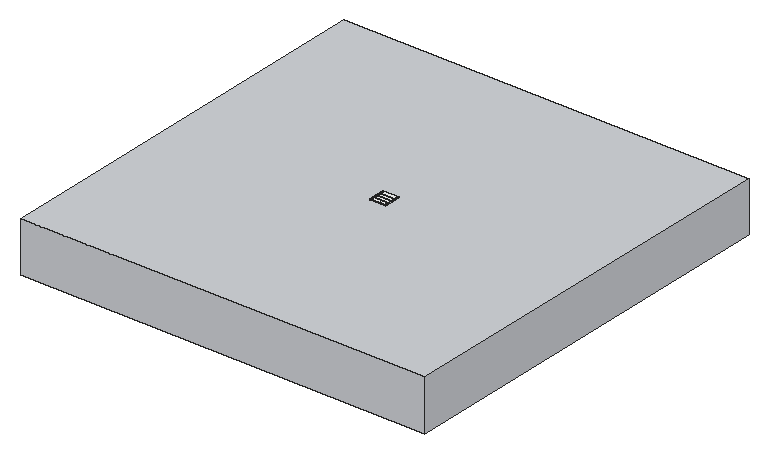
Revit family "Gira_5024219", category Elektroinstallationen, Revit 2017
Family settings
  Basisbauteil = Fläche
  Beschriftungsausrichtung beibehalten = Nein
  Bemaßung runder Anschluss = Durchmesser verwenden
  Teiletyp = Normal
  Beim Laden mit Abzugskörper schneiden = Nein
  Gemeinsam genutzt = Nein
  Raumberechnungspunkt = Nein
Parameters (values of type "Wippenset 4f Tastsens.4 TS4 Edelstahl")
  Werkstoffgüte = "Edelstahl"
  Werkstoff Text = "Metall"
  Default Elevation = 1219.2 mm
  URL = "https://www.gira.de/"
  Typname = "Wippenset 4f Tastsens.4 TS4 Edelstahl"
  Type Comments = ""
  Transparent = no
  Produktseite = "https://media.stage.bim.site/t/eyJhbGciOiJIUzI1NiIsInR5cCI6IkpXVCJ9.eyJjdCI6MiwidHUiOiJodHRwOi8va2F0YWxvZy5naXJhLmRlL2RlX0RFL2RhdGVuYmxhdHQuaHRtbD9hcnRpa2VsbnI9NTAyNDIxOSIsImNpZCI6IjMyNzdjYzIzLTgxYTktNGVlMy1hOTBhLWI0N2JiNGMwYjYxNiIsInJpZCI6IjZlZTkxZTUwYzU2NWQ1OGQzNTE0MmRlZGNmOGNhN2VmIiwicGlkIjoiMDJhNzIyMGE1ZDM2MzM1OGRkMzM4NjJlNWQ1NDNmMTFhOTFlYWJmMCIsInNpZCI6IjYzNDcwIiwidXQiOjEsImxjIjoiZGUiLCJpYXQiOjE2MDA5NDQzNDIsImlzcyI6Imh0dHBzOi8vYXBpLmxpdmUuYmltLnNpdGUiLCJzdWIiOiJhZG1pbkBiaW1zaXRlLmRldiJ9.f7tPPSmRLurzAvRpFJuD4bzpzXHJMAkKExEBmSRq6B4"
  Model = ""
  Cost = 0
  Hersteller = "Gira"
  HeinzeBIM = "https://www.heinze.de/bim/wippenset-4f-tastsens-4-ts4-edelstahl/02a7220a5d363358dd33862e5d543f11a91eabf0"
  HAN = "5024219"
  GTIN = "4010337072065"
  Funk bidirektional = no
  Farbe = "Edelstahl"
  Datenblatt 1 = "https://media.stage.bim.site/t/eyJhbGciOiJIUzI1NiIsInR5cCI6IkpXVCJ9.eyJjdCI6MSwidGYiOiJwdWJsaWMvZ2lyYS9hZThjNTU3LzUwMjQyMTkudHh0IiwiY2lkIjoiMzI3N2NjMjMtODFhOS00ZWUzLWE5MGEtYjQ3YmI0YzBiNjE2IiwicmlkIjoiNmVlOTFlNTBjNTY1ZDU4ZDM1MTQyZGVkY2Y4Y2E3ZWYiLCJwaWQiOiIwMmE3MjIwYTVkMzYzMzU4ZGQzMzg2MmU1ZDU0M2YxMWE5MWVhYmYwIiwic2lkIjoiNjM0NzAiLCJ1dCI6MSwibGMiOiJkZSIsImlhdCI6MTYwMDk0NDM0MiwiaXNzIjoiaHR0cHM6Ly9hcGkubGl2ZS5iaW0uc2l0ZSIsInN1YiI6ImFkbWluQGJpbXNpdGUuZGV2In0.Bt66WdZPMbEn-6c1mQTcMnObDVs46iHBoQX398QlRKs/5024219.txt"
  Datenblatt = "https://media.stage.bim.site/t/eyJhbGciOiJIUzI1NiIsInR5cCI6IkpXVCJ9.eyJjdCI6MSwidHUiOiJodHRwczovL2thdGFsb2cuZ2lyYS5kZS9kZV9ERS9kb3dubG9hZC5odG1sP2FydGlrZWxucj01MDI0MjE5IiwiY2lkIjoiMzI3N2NjMjMtODFhOS00ZWUzLWE5MGEtYjQ3YmI0YzBiNjE2IiwicmlkIjoiNmVlOTFlNTBjNTY1ZDU4ZDM1MTQyZGVkY2Y4Y2E3ZWYiLCJwaWQiOiIwMmE3MjIwYTVkMzYzMzU4ZGQzMzg2MmU1ZDU0M2YxMWE5MWVhYmYwIiwic2lkIjoiNjM0NzAiLCJ1dCI6MSwibGMiOiJkZSIsImlhdCI6MTYwMDk0NDM0MiwiaXNzIjoiaHR0cHM6Ly9hcGkubGl2ZS5iaW0uc2l0ZSIsInN1YiI6ImFkbWluQGJpbXNpdGUuZGV2In0.AUN_Ay1msCW5hC6-GOHlw-NSgbAq-UjtfeQ2m9LzeRM"
  Bussystem Powernet = no
  Bussystem LON = no
  Bussystem KNX-Funk = no
  Bussystem KNX = yes
  Bussystem Funkbus = no
  Beschreibung = "Wippenset 4fach für Tastsensor 4  Edelstahl Hinweise :  Beschreibbare Wippensets können mit einer individuellen Beschriftung versehen werden. Die Bestellung wird über den Großhandel abgewickelt, der beim Bestellvorgang der Wippen angegeben wurde."
  Assembly Code = ""
  Keynote = ""
  BIMSITE_PRODUCT_ID = "02a7220a5d363358dd33862e5d543f11a91eabf0"
  BIM = "https://media.stage.bim.site/t/eyJhbGciOiJIUzI1NiIsInR5cCI6IkpXVCJ9.eyJjdCI6MSwidGYiOiJwdWJsaWMvZ2lyYS9hZThjNTU3LzQwXzUwMjQwMCBUUzQgV2lwcGVuc2V0IDRmYWNoLnJmYSIsImNpZCI6IjMyNzdjYzIzLTgxYTktNGVlMy1hOTBhLWI0N2JiNGMwYjYxNiIsInJpZCI6IjZlZTkxZTUwYzU2NWQ1OGQzNTE0MmRlZGNmOGNhN2VmIiwicGlkIjoiMDJhNzIyMGE1ZDM2MzM1OGRkMzM4NjJlNWQ1NDNmMTFhOTFlYWJmMCIsInNpZCI6IjYzNDcwIiwidXQiOjUsImxjIjoiZGUiLCJpYXQiOjE2MDA5NDQzNDIsImlzcyI6Imh0dHBzOi8vYXBpLmxpdmUuYmltLnNpdGUiLCJzdWIiOiJhZG1pbkBiaW1zaXRlLmRldiJ9.iC5k2YuKe9xypDTZTg39X--QeOsOUmJacMNwnhMhF6I/40_502400 TS4 Wippenset 4fach.rfa"
  Andere Bussysteme = "ohne"
Reference planes
  plane 1 "Center (Front/Back)": y = 0
  plane 2: z = 0
  plane 3 "Center (Left/Right)": x = 0
Forms (mm)
  Extrusion 1, solid
    sketch origin (0, 0, 0) x (1, 0, 0) y (0, 1, 0)
      loop
        line (-1219.2, 1219.2) -> (-1219.2, -1219.2) -> (1219.2, -1219.2) -> (1219.2, 1219.2) -> (-1219.2, 1219.2)
    from 0 to -304.8
Dimensions and locks
  aligned and locked: plane 2 to Extrusion 1
  aligned and locked: level to Extrusion 1
Nested families
  nested 1: "40_502100 TS4 Wippenset 4fach" at (0, 0, 0), type "40_502100 TS4 Wippenset 4fach"
Definition of nested family "40_502100 TS4 Wippenset 4fach"
  Parameters
    White = none
  Reference planes
    plane 1 "Center (Front/Back)": y = 0
    plane 2: z = 0
    plane 3 "Center (Left/Right)": x = 0
  Forms (mm)
    Extrusion 1, solid, material <- "White", detail levels fine
      sketch origin (0, 0, 0) x (1, 0, 0) y (0, 1, 0)
        loop
          arc (-46.5, 47.5) -> (-47.207, 47.207) -> (-47.5, 46.5) r 1
          line (-47.5, 46.5) -> (-47.5, 36.7) -> (-42.5, 36.7)
          arc (-42.5, 36.7) -> (-41.5, 35.7) -> (-42.5, 34.7) r 1
          line (-42.5, 34.7) -> (-47.5, 34.7) -> (-47.5, 24.95)
          arc (-47.5, 24.95) -> (-47.207, 24.243) -> (-46.5, 23.95) r 1
          line (-46.5, 23.95) -> (46.5, 23.95)
          arc (46.5, 23.95) -> (47.207, 24.243) -> (47.5, 24.95) r 1
          line (47.5, 24.95) -> (47.5, 34.7) -> (42.5, 34.7)
          arc (42.5, 34.7) -> (41.5, 35.7) -> (42.5, 36.7) r 1
          line (42.5, 36.7) -> (47.5, 36.7) -> (47.5, 46.5)
          arc (47.5, 46.5) -> (47.207, 47.207) -> (46.5, 47.5) r 1
          line (46.5, 47.5) -> (-46.5, 47.5)
      from 0 to 3.1
    Extrusion 2, solid, material <- "White", detail levels fine
      sketch origin (0, 0, 0) x (1, 0, 0) y (0, 1, 0)
        loop
          line (43.976, 44.188) -> (-43.976, 44.188) -> (-43.976, 27.198) -> (43.976, 27.198) -> (43.976, 44.188)
      from 0 to -1.5
    Extrusion 3, solid, detail levels fine
      sketch origin (0, 0, 0) x (1, 0, 0) y (0, 0, -1)
        loop
          line (-1.639, 4) -> (-2.5, 4) -> (-3.5, 1.5) -> (3.5, 1.5) -> (2.5, 4) -> (1.639, 4)
          arc (1.639, 4) -> (1.115, 3.694) -> (1.122, 3.087) r 0.603
          arc (1.122, 3.087) -> (-0.011, 1.666) -> (-1.122, 3.087) r 1.145
          arc (-1.122, 3.087) -> (-1.115, 3.694) -> (-1.639, 4) r 0.603
      from 41.985 to 44.199
    Extrusion 4, solid, material <- "White", detail levels medium
      sketch origin (0, 0, 0) x (1, 0, 0) y (0, 1, 0)
        loop
          line (43.976, 44.188) -> (-43.976, 44.188) -> (-43.976, 27.198) -> (43.976, 27.198) -> (43.976, 44.188)
      from 0 to -4
    Extrusion 5, solid, material <- "White", detail levels medium
      sketch origin (0, 0, 0) x (1, 0, 0) y (0, 1, 0)
        loop
          line (-47.5, 47.5) -> (-47.5, 23.95) -> (47.5, 23.95) -> (47.5, 47.5) -> (-47.5, 47.5)
      from 0 to 3.3
    Extrusion 6, solid, material <- "White", detail levels fine
      sketch origin (0, 0, 0) x (1, 0, 0) y (0, 1, 0)
        loop
          line (-43.976, 44.188) -> (-43.976, 40.908) -> (-42.655, 40.908) -> (-42.655, 44.188) -> (-43.976, 44.188)
        loop
          line (43.976, 44.188) -> (42.655, 44.188) -> (42.655, 40.908) -> (43.976, 40.908) -> (43.976, 44.188)
        loop
          line (-43.976, 27.198) -> (-42.655, 27.198) -> (-42.655, 30.479) -> (-43.976, 30.479) -> (-43.976, 27.198)
        loop
          line (43.976, 27.198) -> (43.976, 30.479) -> (42.655, 30.479) -> (42.655, 27.198) -> (43.976, 27.198)
      from 0 to -4
    Extrusion 7, solid, detail levels fine
      sketch origin (0, 35.7, 0) x (1, 0, 0) y (0, 1, 0)
        loop
          line (-47.5, 1) -> (-47.5, -1) -> (-42.5, -1)
          arc (-42.5, -1) -> (-41.5, 0) -> (-42.5, 1) r 1
          line (-42.5, 1) -> (-47.5, 1)
        loop
          line (47.5, 1) -> (42.5, 1)
          arc (42.5, 1) -> (41.5, 0) -> (42.5, -1) r 1
          line (42.5, -1) -> (47.5, -1) -> (47.5, 1)
      from 0 to 3.3
    Extrusion 8, solid, detail levels coarse
      sketch origin (0, 0, 0) x (1, 0, 0) y (0, 1, 0)
        loop
          line (-47.5, 47.5) -> (-47.5, -47.45) -> (47.5, -47.45) -> (47.5, 47.5) -> (-47.5, 47.5)
      from -4 to 3.3
    Extrusion 9, solid, material <- "White", detail levels fine
      sketch origin (0, 35.735, 0) x (1, 0, 0) y (0, 1, 0)
        loop
          line (-41.852, 6.181) -> (-43.976, 4.461) -> (-43.976, -4.461) -> (-41.852, -6.181)
          arc (-41.852, -6.181) -> (-38.884, -6.014) -> (-38.763, -3.043) r 2.212
          line (-38.763, -3.043) -> (-38.763, 3.043)
          arc (-38.763, 3.043) -> (-38.884, 6.014) -> (-41.852, 6.181) r 2.212
        loop
          arc (-39.415, 3.847) -> (-39.669, 5.38) -> (-41.223, 5.404) r 1.212
          line (-41.223, 5.404) -> (-42.938, 4.015) -> (-40.57, 1.883) -> (-39.415, 3.847)
        loop
          line (-39.415, -3.847) -> (-40.57, -1.883) -> (-42.938, -4.015) -> (-41.223, -5.404)
          arc (-41.223, -5.404) -> (-39.669, -5.38) -> (-39.415, -3.847) r 1.212
        loop
          arc (41.852, 6.181) -> (38.884, 6.014) -> (38.763, 3.043) r 2.212
          line (38.763, 3.043) -> (38.763, -3.043)
          arc (38.763, -3.043) -> (38.884, -6.014) -> (41.852, -6.181) r 2.212
          line (41.852, -6.181) -> (43.976, -4.461) -> (43.976, 4.461) -> (41.852, 6.181)
        loop
          line (39.415, 3.847) -> (40.57, 1.883) -> (42.938, 4.015) -> (41.223, 5.404)
          arc (41.223, 5.404) -> (39.669, 5.38) -> (39.415, 3.847) r 1.212
        loop
          arc (39.415, -3.847) -> (39.669, -5.38) -> (41.223, -5.404) r 1.212
          line (41.223, -5.404) -> (42.938, -4.015) -> (40.57, -1.883) -> (39.415, -3.847)
      from 0 to -3.1
    Extrusion 10, solid, material <- "White", detail levels fine
      sketch origin (0, -23.8, 0) x (1, 0, 0) y (0, 1, 0)
        loop
          arc (-46.5, 47.5) -> (-47.207, 47.207) -> (-47.5, 46.5) r 1
          line (-47.5, 46.5) -> (-47.5, 36.7) -> (-42.5, 36.7)
          arc (-42.5, 36.7) -> (-41.5, 35.7) -> (-42.5, 34.7) r 1
          line (-42.5, 34.7) -> (-47.5, 34.7) -> (-47.5, 24.95)
          arc (-47.5, 24.95) -> (-47.207, 24.243) -> (-46.5, 23.95) r 1
          line (-46.5, 23.95) -> (46.5, 23.95)
          arc (46.5, 23.95) -> (47.207, 24.243) -> (47.5, 24.95) r 1
          line (47.5, 24.95) -> (47.5, 34.7) -> (42.5, 34.7)
          arc (42.5, 34.7) -> (41.5, 35.7) -> (42.5, 36.7) r 1
          line (42.5, 36.7) -> (47.5, 36.7) -> (47.5, 46.5)
          arc (47.5, 46.5) -> (47.207, 47.207) -> (46.5, 47.5) r 1
          line (46.5, 47.5) -> (-46.5, 47.5)
      from 0 to 3.1
    Extrusion 11, solid, material <- "White", detail levels fine
      sketch origin (0, -23.8, 0) x (1, 0, 0) y (0, 1, 0)
        loop
          line (43.976, 44.188) -> (-43.976, 44.188) -> (-43.976, 27.198) -> (43.976, 27.198) -> (43.976, 44.188)
      from 0 to -1.5
    Extrusion 12, solid, detail levels fine
      sketch origin (0, -23.8, 0) x (1, 0, 0) y (0, 0, -1)
        loop
          line (-1.639, 4) -> (-2.5, 4) -> (-3.5, 1.5) -> (3.5, 1.5) -> (2.5, 4) -> (1.639, 4)
          arc (1.639, 4) -> (1.115, 3.694) -> (1.122, 3.087) r 0.603
          arc (1.122, 3.087) -> (-0.011, 1.666) -> (-1.122, 3.087) r 1.145
          arc (-1.122, 3.087) -> (-1.115, 3.694) -> (-1.639, 4) r 0.603
      from 41.985 to 44.199
    Extrusion 13, solid, material <- "White", detail levels medium
      sketch origin (0, -23.8, 0) x (1, 0, 0) y (0, 1, 0)
        loop
          line (43.976, 44.188) -> (-43.976, 44.188) -> (-43.976, 27.198) -> (43.976, 27.198) -> (43.976, 44.188)
      from 0 to -4
    Extrusion 14, solid, material <- "White", detail levels medium
      sketch origin (0, -23.8, 0) x (1, 0, 0) y (0, 1, 0)
        loop
          line (-47.5, 47.5) -> (-47.5, 23.95) -> (47.5, 23.95) -> (47.5, 47.5) -> (-47.5, 47.5)
      from 0 to 3.3
    Extrusion 15, solid, material <- "White", detail levels fine
      sketch origin (0, -23.8, 0) x (1, 0, 0) y (0, 1, 0)
        loop
          line (-43.976, 44.188) -> (-43.976, 40.908) -> (-42.655, 40.908) -> (-42.655, 44.188) -> (-43.976, 44.188)
        loop
          line (43.976, 44.188) -> (42.655, 44.188) -> (42.655, 40.908) -> (43.976, 40.908) -> (43.976, 44.188)
        loop
          line (-43.976, 27.198) -> (-42.655, 27.198) -> (-42.655, 30.479) -> (-43.976, 30.479) -> (-43.976, 27.198)
        loop
          line (43.976, 27.198) -> (43.976, 30.479) -> (42.655, 30.479) -> (42.655, 27.198) -> (43.976, 27.198)
      from 0 to -4
    Extrusion 16, solid, detail levels fine
      sketch origin (0, 11.9, 0) x (1, 0, 0) y (0, 1, 0)
        loop
          line (-47.5, 1) -> (-47.5, -1) -> (-42.5, -1)
          arc (-42.5, -1) -> (-41.5, 0) -> (-42.5, 1) r 1
          line (-42.5, 1) -> (-47.5, 1)
        loop
          line (47.5, 1) -> (42.5, 1)
          arc (42.5, 1) -> (41.5, 0) -> (42.5, -1) r 1
          line (42.5, -1) -> (47.5, -1) -> (47.5, 1)
      from 0 to 3.3
    Extrusion 17, solid, material <- "White", detail levels fine
      sketch origin (0, 11.935, 0) x (1, 0, 0) y (0, 1, 0)
        loop
          line (-41.852, 6.181) -> (-43.976, 4.461) -> (-43.976, -4.461) -> (-41.852, -6.181)
          arc (-41.852, -6.181) -> (-38.884, -6.014) -> (-38.763, -3.043) r 2.212
          line (-38.763, -3.043) -> (-38.763, 3.043)
          arc (-38.763, 3.043) -> (-38.884, 6.014) -> (-41.852, 6.181) r 2.212
        loop
          arc (-39.415, 3.847) -> (-39.669, 5.38) -> (-41.223, 5.404) r 1.212
          line (-41.223, 5.404) -> (-42.938, 4.015) -> (-40.57, 1.883) -> (-39.415, 3.847)
        loop
          line (-39.415, -3.847) -> (-40.57, -1.883) -> (-42.938, -4.015) -> (-41.223, -5.404)
          arc (-41.223, -5.404) -> (-39.669, -5.38) -> (-39.415, -3.847) r 1.212
        loop
          arc (41.852, 6.181) -> (38.884, 6.014) -> (38.763, 3.043) r 2.212
          line (38.763, 3.043) -> (38.763, -3.043)
          arc (38.763, -3.043) -> (38.884, -6.014) -> (41.852, -6.181) r 2.212
          line (41.852, -6.181) -> (43.976, -4.461) -> (43.976, 4.461) -> (41.852, 6.181)
        loop
          line (39.415, 3.847) -> (40.57, 1.883) -> (42.938, 4.015) -> (41.223, 5.404)
          arc (41.223, 5.404) -> (39.669, 5.38) -> (39.415, 3.847) r 1.212
        loop
          arc (39.415, -3.847) -> (39.669, -5.38) -> (41.223, -5.404) r 1.212
          line (41.223, -5.404) -> (42.938, -4.015) -> (40.57, -1.883) -> (39.415, -3.847)
      from 0 to -3.1
    Extrusion 18, solid, material <- "White", detail levels fine
      sketch origin (0, -47.65, 0) x (1, 0, 0) y (0, 1, 0)
        loop
          arc (-46.5, 47.5) -> (-47.207, 47.207) -> (-47.5, 46.5) r 1
          line (-47.5, 46.5) -> (-47.5, 36.7) -> (-42.5, 36.7)
          arc (-42.5, 36.7) -> (-41.5, 35.7) -> (-42.5, 34.7) r 1
          line (-42.5, 34.7) -> (-47.5, 34.7) -> (-47.5, 24.95)
          arc (-47.5, 24.95) -> (-47.207, 24.243) -> (-46.5, 23.95) r 1
          line (-46.5, 23.95) -> (46.5, 23.95)
          arc (46.5, 23.95) -> (47.207, 24.243) -> (47.5, 24.95) r 1
          line (47.5, 24.95) -> (47.5, 34.7) -> (42.5, 34.7)
          arc (42.5, 34.7) -> (41.5, 35.7) -> (42.5, 36.7) r 1
          line (42.5, 36.7) -> (47.5, 36.7) -> (47.5, 46.5)
          arc (47.5, 46.5) -> (47.207, 47.207) -> (46.5, 47.5) r 1
          line (46.5, 47.5) -> (-46.5, 47.5)
      from 0 to 3.1
    Extrusion 19, solid, material <- "White", detail levels fine
      sketch origin (0, -47.65, 0) x (1, 0, 0) y (0, 1, 0)
        loop
          line (43.976, 44.188) -> (-43.976, 44.188) -> (-43.976, 27.198) -> (43.976, 27.198) -> (43.976, 44.188)
      from 0 to -1.5
    Extrusion 20, solid, detail levels fine
      sketch origin (0, -47.65, 0) x (1, 0, 0) y (0, 0, -1)
        loop
          line (-1.639, 4) -> (-2.5, 4) -> (-3.5, 1.5) -> (3.5, 1.5) -> (2.5, 4) -> (1.639, 4)
          arc (1.639, 4) -> (1.115, 3.694) -> (1.122, 3.087) r 0.603
          arc (1.122, 3.087) -> (-0.011, 1.666) -> (-1.122, 3.087) r 1.145
          arc (-1.122, 3.087) -> (-1.115, 3.694) -> (-1.639, 4) r 0.603
      from 41.985 to 44.199
    Extrusion 21, solid, material <- "White", detail levels medium
      sketch origin (0, -47.65, 0) x (1, 0, 0) y (0, 1, 0)
        loop
          line (43.976, 44.188) -> (-43.976, 44.188) -> (-43.976, 27.198) -> (43.976, 27.198) -> (43.976, 44.188)
      from 0 to -4
    Extrusion 22, solid, material <- "White", detail levels medium
      sketch origin (0, -47.65, 0) x (1, 0, 0) y (0, 1, 0)
        loop
          line (-47.5, 47.5) -> (-47.5, 23.95) -> (47.5, 23.95) -> (47.5, 47.5) -> (-47.5, 47.5)
      from 0 to 3.3
    Extrusion 23, solid, material <- "White", detail levels fine
      sketch origin (0, -47.65, 0) x (1, 0, 0) y (0, 1, 0)
        loop
          line (-43.976, 44.188) -> (-43.976, 40.908) -> (-42.655, 40.908) -> (-42.655, 44.188) -> (-43.976, 44.188)
        loop
          line (43.976, 44.188) -> (42.655, 44.188) -> (42.655, 40.908) -> (43.976, 40.908) -> (43.976, 44.188)
        loop
          line (-43.976, 27.198) -> (-42.655, 27.198) -> (-42.655, 30.479) -> (-43.976, 30.479) -> (-43.976, 27.198)
        loop
          line (43.976, 27.198) -> (43.976, 30.479) -> (42.655, 30.479) -> (42.655, 27.198) -> (43.976, 27.198)
      from 0 to -4
    Extrusion 24, solid, detail levels fine
      sketch origin (0, -11.95, 0) x (1, 0, 0) y (0, 1, 0)
        loop
          line (-47.5, 1) -> (-47.5, -1) -> (-42.5, -1)
          arc (-42.5, -1) -> (-41.5, 0) -> (-42.5, 1) r 1
          line (-42.5, 1) -> (-47.5, 1)
        loop
          line (47.5, 1) -> (42.5, 1)
          arc (42.5, 1) -> (41.5, 0) -> (42.5, -1) r 1
          line (42.5, -1) -> (47.5, -1) -> (47.5, 1)
      from 0 to 3.3
    Extrusion 25, solid, material <- "White", detail levels fine
      sketch origin (0, -11.915, 0) x (1, 0, 0) y (0, 1, 0)
        loop
          line (-41.852, 6.181) -> (-43.976, 4.461) -> (-43.976, -4.461) -> (-41.852, -6.181)
          arc (-41.852, -6.181) -> (-38.884, -6.014) -> (-38.763, -3.043) r 2.212
          line (-38.763, -3.043) -> (-38.763, 3.043)
          arc (-38.763, 3.043) -> (-38.884, 6.014) -> (-41.852, 6.181) r 2.212
        loop
          arc (-39.415, 3.847) -> (-39.669, 5.38) -> (-41.223, 5.404) r 1.212
          line (-41.223, 5.404) -> (-42.938, 4.015) -> (-40.57, 1.883) -> (-39.415, 3.847)
        loop
          line (-39.415, -3.847) -> (-40.57, -1.883) -> (-42.938, -4.015) -> (-41.223, -5.404)
          arc (-41.223, -5.404) -> (-39.669, -5.38) -> (-39.415, -3.847) r 1.212
        loop
          arc (41.852, 6.181) -> (38.884, 6.014) -> (38.763, 3.043) r 2.212
          line (38.763, 3.043) -> (38.763, -3.043)
          arc (38.763, -3.043) -> (38.884, -6.014) -> (41.852, -6.181) r 2.212
          line (41.852, -6.181) -> (43.976, -4.461) -> (43.976, 4.461) -> (41.852, 6.181)
        loop
          line (39.415, 3.847) -> (40.57, 1.883) -> (42.938, 4.015) -> (41.223, 5.404)
          arc (41.223, 5.404) -> (39.669, 5.38) -> (39.415, 3.847) r 1.212
        loop
          arc (39.415, -3.847) -> (39.669, -5.38) -> (41.223, -5.404) r 1.212
          line (41.223, -5.404) -> (42.938, -4.015) -> (40.57, -1.883) -> (39.415, -3.847)
      from 0 to -3.1
    Extrusion 26, solid, material <- "White", detail levels fine
      sketch origin (0, -71.4, 0) x (1, 0, 0) y (0, 1, 0)
        loop
          arc (-46.5, 47.5) -> (-47.207, 47.207) -> (-47.5, 46.5) r 1
          line (-47.5, 46.5) -> (-47.5, 36.7) -> (-42.5, 36.7)
          arc (-42.5, 36.7) -> (-41.5, 35.7) -> (-42.5, 34.7) r 1
          line (-42.5, 34.7) -> (-47.5, 34.7) -> (-47.5, 24.95)
          arc (-47.5, 24.95) -> (-47.207, 24.243) -> (-46.5, 23.95) r 1
          line (-46.5, 23.95) -> (46.5, 23.95)
          arc (46.5, 23.95) -> (47.207, 24.243) -> (47.5, 24.95) r 1
          line (47.5, 24.95) -> (47.5, 34.7) -> (42.5, 34.7)
          arc (42.5, 34.7) -> (41.5, 35.7) -> (42.5, 36.7) r 1
          line (42.5, 36.7) -> (47.5, 36.7) -> (47.5, 46.5)
          arc (47.5, 46.5) -> (47.207, 47.207) -> (46.5, 47.5) r 1
          line (46.5, 47.5) -> (-46.5, 47.5)
      from 0 to 3.1
    Extrusion 27, solid, material <- "White", detail levels fine
      sketch origin (0, -71.4, 0) x (1, 0, 0) y (0, 1, 0)
        loop
          line (43.976, 44.188) -> (-43.976, 44.188) -> (-43.976, 27.198) -> (43.976, 27.198) -> (43.976, 44.188)
      from 0 to -1.5
    Extrusion 28, solid, detail levels fine
      sketch origin (0, -71.4, 0) x (1, 0, 0) y (0, 0, -1)
        loop
          line (-1.639, 4) -> (-2.5, 4) -> (-3.5, 1.5) -> (3.5, 1.5) -> (2.5, 4) -> (1.639, 4)
          arc (1.639, 4) -> (1.115, 3.694) -> (1.122, 3.087) r 0.603
          arc (1.122, 3.087) -> (-0.011, 1.666) -> (-1.122, 3.087) r 1.145
          arc (-1.122, 3.087) -> (-1.115, 3.694) -> (-1.639, 4) r 0.603
      from 41.985 to 44.199
    Extrusion 29, solid, material <- "White", detail levels medium
      sketch origin (0, -71.4, 0) x (1, 0, 0) y (0, 1, 0)
        loop
          line (43.976, 44.188) -> (-43.976, 44.188) -> (-43.976, 27.198) -> (43.976, 27.198) -> (43.976, 44.188)
      from 0 to -4
    Extrusion 30, solid, material <- "White", detail levels medium
      sketch origin (0, -71.4, 0) x (1, 0, 0) y (0, 1, 0)
        loop
          line (-47.5, 47.5) -> (-47.5, 23.95) -> (47.5, 23.95) -> (47.5, 47.5) -> (-47.5, 47.5)
      from 0 to 3.3
    Extrusion 31, solid, material <- "White", detail levels fine
      sketch origin (0, -71.4, 0) x (1, 0, 0) y (0, 1, 0)
        loop
          line (-43.976, 44.188) -> (-43.976, 40.908) -> (-42.655, 40.908) -> (-42.655, 44.188) -> (-43.976, 44.188)
        loop
          line (43.976, 44.188) -> (42.655, 44.188) -> (42.655, 40.908) -> (43.976, 40.908) -> (43.976, 44.188)
        loop
          line (-43.976, 27.198) -> (-42.655, 27.198) -> (-42.655, 30.479) -> (-43.976, 30.479) -> (-43.976, 27.198)
        loop
          line (43.976, 27.198) -> (43.976, 30.479) -> (42.655, 30.479) -> (42.655, 27.198) -> (43.976, 27.198)
      from 0 to -4
    Extrusion 32, solid, detail levels fine
      sketch origin (0, -35.7, 0) x (1, 0, 0) y (0, 1, 0)
        loop
          line (-47.5, 1) -> (-47.5, -1) -> (-42.5, -1)
          arc (-42.5, -1) -> (-41.5, 0) -> (-42.5, 1) r 1
          line (-42.5, 1) -> (-47.5, 1)
        loop
          line (47.5, 1) -> (42.5, 1)
          arc (42.5, 1) -> (41.5, 0) -> (42.5, -1) r 1
          line (42.5, -1) -> (47.5, -1) -> (47.5, 1)
      from 0 to 3.3
    Extrusion 33, solid, material <- "White", detail levels fine
      sketch origin (0, -35.665, 0) x (1, 0, 0) y (0, 1, 0)
        loop
          line (-41.852, 6.181) -> (-43.976, 4.461) -> (-43.976, -4.461) -> (-41.852, -6.181)
          arc (-41.852, -6.181) -> (-38.884, -6.014) -> (-38.763, -3.043) r 2.212
          line (-38.763, -3.043) -> (-38.763, 3.043)
          arc (-38.763, 3.043) -> (-38.884, 6.014) -> (-41.852, 6.181) r 2.212
        loop
          arc (-39.415, 3.847) -> (-39.669, 5.38) -> (-41.223, 5.404) r 1.212
          line (-41.223, 5.404) -> (-42.938, 4.015) -> (-40.57, 1.883) -> (-39.415, 3.847)
        loop
          line (-39.415, -3.847) -> (-40.57, -1.883) -> (-42.938, -4.015) -> (-41.223, -5.404)
          arc (-41.223, -5.404) -> (-39.669, -5.38) -> (-39.415, -3.847) r 1.212
        loop
          arc (41.852, 6.181) -> (38.884, 6.014) -> (38.763, 3.043) r 2.212
          line (38.763, 3.043) -> (38.763, -3.043)
          arc (38.763, -3.043) -> (38.884, -6.014) -> (41.852, -6.181) r 2.212
          line (41.852, -6.181) -> (43.976, -4.461) -> (43.976, 4.461) -> (41.852, 6.181)
        loop
          line (39.415, 3.847) -> (40.57, 1.883) -> (42.938, 4.015) -> (41.223, 5.404)
          arc (41.223, 5.404) -> (39.669, 5.38) -> (39.415, 3.847) r 1.212
        loop
          arc (39.415, -3.847) -> (39.669, -5.38) -> (41.223, -5.404) r 1.212
          line (41.223, -5.404) -> (42.938, -4.015) -> (40.57, -1.883) -> (39.415, -3.847)
      from 0 to -3.1
    Extrusion 34, solid, detail levels fine
      sketch origin (0, 71.387, 0) x (1, 0, 0) y (0, 0, 1)
        loop
          arc (-1.639, -4) -> (-1.115, -3.694) -> (-1.122, -3.087) r 0.603
          arc (-1.122, -3.087) -> (-0.011, -1.666) -> (1.122, -3.087) r 1.145
          arc (1.122, -3.087) -> (1.115, -3.694) -> (1.639, -4) r 0.603
          line (1.639, -4) -> (2.5, -4) -> (3.5, -1.5) -> (-3.5, -1.5) -> (-2.5, -4) -> (-1.639, -4)
      from 41.985 to 44.199
    Extrusion 35, solid, detail levels fine
      sketch origin (0, 47.597, 0) x (1, 0, 0) y (0, 0, 1)
        loop
          arc (-1.639, -4) -> (-1.115, -3.694) -> (-1.122, -3.087) r 0.603
          arc (-1.122, -3.087) -> (-0.011, -1.666) -> (1.122, -3.087) r 1.145
          arc (1.122, -3.087) -> (1.115, -3.694) -> (1.639, -4) r 0.603
          line (1.639, -4) -> (2.5, -4) -> (3.5, -1.5) -> (-3.5, -1.5) -> (-2.5, -4) -> (-1.639, -4)
      from 41.985 to 44.199
    Extrusion 36, solid, detail levels fine
      sketch origin (0, 23.747, 0) x (1, 0, 0) y (0, 0, 1)
        loop
          arc (-1.639, -4) -> (-1.115, -3.694) -> (-1.122, -3.087) r 0.603
          arc (-1.122, -3.087) -> (-0.011, -1.666) -> (1.122, -3.087) r 1.145
          arc (1.122, -3.087) -> (1.115, -3.694) -> (1.639, -4) r 0.603
          line (1.639, -4) -> (2.5, -4) -> (3.5, -1.5) -> (-3.5, -1.5) -> (-2.5, -4) -> (-1.639, -4)
      from 41.985 to 44.199
    Extrusion 37, solid, detail levels fine
      sketch origin (0, -0.003, 0) x (1, 0, 0) y (0, 0, 1)
        loop
          arc (-1.639, -4) -> (-1.115, -3.694) -> (-1.122, -3.087) r 0.603
          arc (-1.122, -3.087) -> (-0.011, -1.666) -> (1.122, -3.087) r 1.145
          arc (1.122, -3.087) -> (1.115, -3.694) -> (1.639, -4) r 0.603
          line (1.639, -4) -> (2.5, -4) -> (3.5, -1.5) -> (-3.5, -1.5) -> (-2.5, -4) -> (-1.639, -4)
      from 41.985 to 44.199
  Cuts and joins
    joined: Extrusion 2, Extrusion 6, Extrusion 9
  Dimensions and locks
    aligned and locked: level to plane 2
